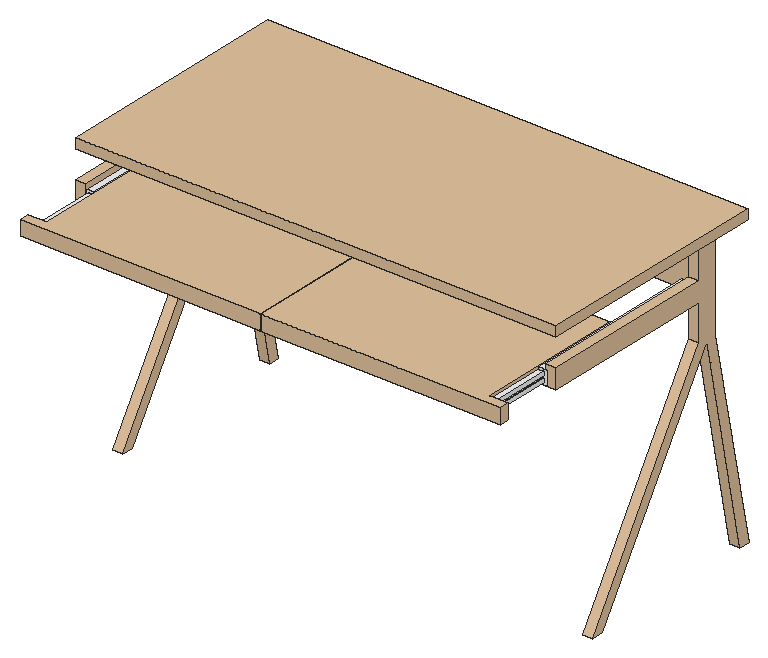
Revit family
Parameters
  Width = 4' - 0"
  Tray Width = ((Width / 2) - 0' 1 7/8")  # 1' - 10 1/8"
  Table Unit = Wood Birch,Stained
  Subcategory = "Office Furniture"
  SmartBIM Object Version = 3  # constant formula
  SmartBIM Object Created By = "SMARTBIM, LLC"  # constant formula
  Tray Opening = 0' - 6"
  Slider = Plain Alluminum,Satin
  Manufacturer = "SMARTBIM"
  Height = 2' - 6"
  Depth = 2' - 0"
  Default Elevation = 4' - 0"
  Assembly Code = "E2020200"
  95 CSI = "12510"  # constant formula
  04 CSI = "12 51 00"  # constant formula
Reference planes (in)
  plane 1 "Center F/B": y = 0
  plane 2: z = 0
  plane 3 "Center L/R": x = 0
  plane 4: x = -24
  plane 5: x = 24
  plane 6: y = 5.18557
  plane 7: y = -12
  plane 8: z = 25.25
  plane 9: y = -18.81443
  plane 10: z = 30
  plane 11: y = -24.81443
Forms (in)
  Extrusion 1, solid, material "Wood Birch,Stained" <- "Table Unit"
    sketch origin (-24, -16.40112, 48) x (0, -1, 0) y (0, 0, 1)
      loop
        line (-21.58669, -47) -> (-20.56797, -47) -> (-16.40838, -26.61654) -> (-3.31705, -47) -> (-2.14476, -47) -> (-15.40444, -26.34135) -> (-15.40444, -22.75) -> (2.41331, -22.75) -> (2.41331, -20.75) -> (-15.40444, -20.75) -> (-15.40444, -18) -> (-17.40444, -18) -> (-17.40444, -26.5) -> (-21.58669, -47)
    from -1 to 0
  Extrusion 2, solid, material "Wood Birch,Stained" <- "Table Unit"
    sketch origin (17.25, -16.40112, 48) x (0, -1, 0) y (0, 0, -1)
      loop
        line (-21.58669, 47) -> (-17.40444, 26.5) -> (-17.40444, 18) -> (-15.40444, 18) -> (-15.40444, 20.75) -> (2.41331, 20.75) -> (2.41331, 22.75) -> (-15.40444, 22.75) -> (-15.40444, 26.34135) -> (-2.14476, 47) -> (-3.31705, 47) -> (-16.40838, 26.61654) -> (-20.56797, 47) -> (-21.58669, 47)
    from 5.75 to 6.75
  Extrusion 3, solid, material "Wood Birch,Stained" <- "Table Unit"
    sketch origin (0, 0, 0) x (1, 0, 0) y (0, 0, 1)
      loop
        line (-23, 30) -> (-23, 25.25) -> (0, 25.25) -> (0, 30) -> (-17.5, 30) -> (-17.5, 28.5) -> (-20.5, 28.5) -> (-20.5, 30) -> (-23, 30)
    from -1.00332 to 0
  Extrusion 4, solid, material "Wood Birch,Stained" <- "Table Unit"
    sketch origin (0, 0, 0) x (-1, 0, 0) y (0, 0, -1)
      loop
        line (-23, -30) -> (-20.5, -30) -> (-20.5, -28.5) -> (-17.5, -28.5) -> (-17.5, -30) -> (0, -30) -> (0, -25.25) -> (-23, -25.25) -> (-23, -30)
    from -1.00332 to 0
  Extrusion 5, solid, material "Wood Birch,Stained" <- "Table Unit"
    sketch origin (0, 0, 0) x (1, 0, 0) y (0, 1, 0)
      loop
        line (-24, 5.18557) -> (-24, -18.81443) -> (24, -18.81443) -> (24, 5.18557) -> (-24, 5.18557)
    from 30 to 31
  Extrusion 6, solid, material "Plain Alluminum,Satin" <- "Slider"
    sketch origin (0, 0, 0) x (1, 0, 0) y (0, 0, 1)
      loop
        line (-23, 25.25) -> (-22.25, 25.25) -> (-22.25, 25.5) -> (-22.37376, 25.5) -> (-22.4456, 25.62443)
        arc (-22.4456, 25.62443) -> (-22.49876, 25.63604) -> (-22.55192, 25.62443) r 0.12756
        line (-22.55192, 25.62443) -> (-22.62376, 25.5) -> (-22.75, 25.5) -> (-22.75, 25.873) -> (-22.6221, 25.94684)
        arc (-22.6221, 25.94684) -> (-22.61049, 26) -> (-22.6221, 26.05316) r 0.12756
        line (-22.6221, 26.05316) -> (-22.75, 26.127) -> (-22.75, 26.5) -> (-22.25, 26.5) -> (-22.25, 26.75) -> (-23, 26.75) -> (-23, 25.25)
    from 0.99668 to 18.81443
  Extrusion 7, solid, material "Plain Alluminum,Satin" <- "Slider"
    sketch origin (0, 0, 0) x (-1, 0, 0) y (0, 0, -1)
      loop
        line (-23, -25.25) -> (-23, -26.75) -> (-22.25, -26.75) -> (-22.25, -26.5) -> (-22.75, -26.5) -> (-22.75, -26.127) -> (-22.6221, -26.05316)
        arc (-22.6221, -26.05316) -> (-22.61049, -26) -> (-22.6221, -25.94684) r 0.12756
        line (-22.6221, -25.94684) -> (-22.75, -25.873) -> (-22.75, -25.5) -> (-22.62376, -25.5) -> (-22.55192, -25.62443)
        arc (-22.55192, -25.62443) -> (-22.49876, -25.63604) -> (-22.4456, -25.62443) r 0.12756
        line (-22.4456, -25.62443) -> (-22.37376, -25.5) -> (-22.25, -25.5) -> (-22.25, -25.25) -> (-23, -25.25)
    from 0.99668 to 18.81443
Dimensions and locks (in)
  equal spacing: plane 4, plane 3 "Center L/R", plane 5
  "Width": plane 4 to plane 5
  locked: Extrusion 1 to Extrusion 1 at 1
  locked: Extrusion 2 to Extrusion 2 at 1
  locked: plane 4 to Extrusion 3 sketch curve at 6.5
  locked: Extrusion 1 to Extrusion 3 sketch curve at 1.5
  locked: plane 4 to Extrusion 3 sketch curve at 3.5
  locked: plane 1 "Center F/B" to plane 6 at 5.18557
  "Depth": plane 6 to plane 9
  locked: Extrusion 5 to Extrusion 5 at 1
  locked: plane 4 to Extrusion 6 sketch curve at 1.75
  "Tray Opening": plane 9 to plane 11
  "Height": plane 10 to level
  locked: plane 8 to plane 10 at 4.75
  locked: Extrusion 7 sketch curve to plane 5 at 1.75
  locked: Extrusion 7 sketch curve to plane 8 at 1.5
  aligned and locked: plane 4 to Extrusion 1
  aligned and locked: Extrusion 2 to plane 5
  aligned and locked: Extrusion 1 to Extrusion 3 sketch curve  (x2)
  aligned and locked: plane 8 to Extrusion 3 sketch curve
  aligned and locked: Extrusion 3 sketch curve to plane 3 "Center L/R"
  aligned and locked: Extrusion 3 to Extrusion 1
  aligned and locked: plane 1 "Center F/B" to Extrusion 3
  aligned and locked: plane 6 to Extrusion 1
  aligned and locked: Extrusion 5 sketch curve to Extrusion 1  (x2)
  aligned and locked: plane 9 to Extrusion 5 sketch curve
  aligned and locked: plane 5 to Extrusion 5 sketch curve
  aligned and locked: Extrusion 5 to plane 10
  aligned and locked: plane 10 to Extrusion 1
  aligned and locked: Extrusion 6 sketch curve to Extrusion 1
  aligned and locked: Extrusion 6 sketch curve to Extrusion 6 sketch curve
  aligned and locked: Extrusion 6 to Extrusion 1
  aligned and locked: plane 9 to Extrusion 1 sketch curve
  aligned and locked: plane 9 to Extrusion 2 sketch curve
  aligned and locked: Extrusion 6 to plane 9
  aligned and locked: plane 3 "Center L/R" to nested 1
  aligned and locked: plane 3 "Center L/R" to nested 2
  aligned and locked: plane 11 to nested 1
  aligned and locked: nested 2 to plane 11
  aligned and locked: Extrusion 7 sketch curve to Extrusion 7 sketch curve
  aligned and locked: Extrusion 2 to Extrusion 7 sketch curve
  aligned and locked: Extrusion 7 sketch curve to plane 8
  aligned and locked: plane 8 to nested 1
  aligned and locked: nested 2 to plane 8
Automatic sketch dimensions
  Extrusion 1 sketch curve to plane 6 = 0' - 0"
  Extrusion 1 sketch curve to plane 10 = 0' - 0"
  Extrusion 1 sketch curve to plane 8 = 0' - 0"
  Extrusion 1 sketch curve to Extrusion 1 sketch curve = 0' - 1.01872"
  Extrusion 1 sketch curve to plane 1 "Center F/B" = 0' - 1.00332"
  Extrusion 1 sketch curve to plane 1 "Center F/B" = 0' - 0.00725"
  plane 1 "Center F/B" to Extrusion 1 sketch curve = 0' - 0.99668"  (x2)
  Extrusion 1 sketch curve to plane 7 = 0' - 1.08407"
  level to Extrusion 1 sketch curve = 0' - 1"  (x2)
  Extrusion 1 sketch curve to Extrusion 1 sketch curve = 0' - 1.17229"
  plane 8 to Extrusion 1 sketch curve = 0' - 3.86654"
  Extrusion 1 sketch curve to Extrusion 1 sketch curve = 0' - 0.11654"
  Extrusion 1 sketch curve to Extrusion 1 sketch curve = 0' - 0.27519"
  Extrusion 1 sketch curve to Extrusion 1 sketch curve = 0' - 2"
  Extrusion 2 sketch curve to plane 6 = 0' - 0"
  Extrusion 2 sketch curve to plane 10 = 0' - 0"
  Extrusion 2 sketch curve to plane 8 = 0' - 0"
  Extrusion 2 sketch curve to plane 6 = 0' - 1.01872"
  Extrusion 2 sketch curve to plane 1 "Center F/B" = 0' - 1.00332"
  Extrusion 2 sketch curve to plane 1 "Center F/B" = 0' - 0.00725"
  plane 1 "Center F/B" to Extrusion 2 sketch curve = 0' - 0.99668"  (x2)
  Extrusion 2 sketch curve to plane 7 = 0' - 1.08407"
  level to Extrusion 2 sketch curve = 0' - 1"  (x2)
  Extrusion 2 sketch curve to Extrusion 2 sketch curve = 0' - 1.17229"
  Extrusion 2 sketch curve to Extrusion 2 sketch curve = 0' - 2"
  plane 8 to Extrusion 2 sketch curve = 0' - 3.59135"
  Extrusion 2 sketch curve to Extrusion 2 sketch curve = 0' - 0.15865"
  Extrusion 2 sketch curve to Extrusion 2 sketch curve = 0' - 0.11654"
  Extrusion 3 sketch curve to plane 10 = 0' - 0"
  Extrusion 4 sketch curve to plane 8 = 0' - 0"
  Extrusion 4 sketch curve to plane 10 = 0' - 0"  (x2)
  Extrusion 4 sketch curve to plane 3 "Center L/R" = 0' - 0"
  Extrusion 4 sketch curve to plane 5 = 0' - 6 1/2"
  Extrusion 4 sketch curve to Extrusion 4 sketch curve = 0' - 3"
  Extrusion 4 sketch curve to plane 5 = 0' - 1"
  plane 10 to Extrusion 4 sketch curve = 0' - 1 1/2"
  Extrusion 6 sketch curve to plane 8 = 0' - 0"
  Extrusion 6 sketch curve to plane 8 = 0' - 0.623"
  Extrusion 6 sketch curve to Extrusion 6 sketch curve = 0' - 0 1/2"
  Extrusion 6 sketch curve to Extrusion 6 sketch curve = 0' - 0"  (x2)
  Extrusion 6 sketch curve to Extrusion 6 sketch curve = 0' - 0.01194"
  Extrusion 6 sketch curve to plane 8 = 0' - 0 1/4"  (x2)
  Extrusion 6 sketch curve to Extrusion 6 sketch curve = 0' - 0.12624"
  Extrusion 6 sketch curve to plane 8 = 0' - 0.69684"
  Extrusion 6 sketch curve to Extrusion 6 sketch curve = 0' - 0.11596"  (x2)
  Extrusion 6 sketch curve to Extrusion 6 sketch curve = 0' - 0.07184"
  Extrusion 6 sketch curve to Extrusion 6 sketch curve = 0' - 0 1/8"
  Extrusion 6 sketch curve to Extrusion 6 sketch curve = 0' - 0.10632"
  Extrusion 6 sketch curve to Extrusion 6 sketch curve = 0' - 0.12376"
  Extrusion 6 sketch curve to Extrusion 6 sketch curve = 0' - 0.00847"
  Extrusion 6 sketch curve to Extrusion 6 sketch curve = 0' - 0.127"  (x2)
  Extrusion 6 sketch curve to Extrusion 6 sketch curve = 0' - 0.44684"
  Extrusion 6 sketch curve to Extrusion 6 sketch curve = 0' - 0 1/4"
  plane 8 to Extrusion 7 sketch curve = 0' - 0.623"
  Extrusion 7 sketch curve to Extrusion 7 sketch curve = 0' - 0"  (x2)
  Extrusion 7 sketch curve to Extrusion 7 sketch curve = 0' - 0.01194"
  plane 8 to Extrusion 7 sketch curve = 0' - 0 1/4"  (x2)
  Extrusion 7 sketch curve to Extrusion 7 sketch curve = 0' - 0.12624"
  Extrusion 7 sketch curve to Extrusion 7 sketch curve = 0' - 0.11596"  (x2)
  Extrusion 7 sketch curve to Extrusion 7 sketch curve = 0' - 0.07184"
  Extrusion 7 sketch curve to Extrusion 7 sketch curve = 0' - 0 1/8"  (x2)
  Extrusion 7 sketch curve to Extrusion 7 sketch curve = 0' - 0.10632"
  Extrusion 7 sketch curve to Extrusion 7 sketch curve = 0' - 0.12376"
  Extrusion 7 sketch curve to Extrusion 7 sketch curve = 0' - 0.00847"
  Extrusion 7 sketch curve to Extrusion 7 sketch curve = 0' - 0.127"  (x2)
  Extrusion 7 sketch curve to Extrusion 7 sketch curve = 0' - 0.44684"
  Extrusion 7 sketch curve to Extrusion 7 sketch curve = 0' - 0 1/4"
Nested families (in)
  nested 1: "Board" at (-22.125, -9.81443, 25.25), type "Board"
  nested 2: "Board" at (22.125, -9.81443, 25.25) x (-1, 0, 0) z (0, 0, 1), type "Board"
Definition of nested family "Board"
  Parameters
    Width = 1' - 0"
    Slider = none
    Material = none
  Reference planes (in)
    plane 1 "Center (Front/Back)": y = 0
    plane 2: z = 0
    plane 3 "Center (Left/Right)": x = 0
    plane 4: x = 12
  Forms (in)
    Extrusion 1, solid, material <- "Material"
      sketch origin (0, 0, 0) x (1, 0, 0) y (0, 1, 0)
        loop
          line (0, 0) -> (0, -15) -> (-1.875, -15) -> (-1.875, -16) -> (12, -16) -> (12, 0) -> (0, 0)
      from 0 to 1.5
    Extrusion 2, solid, material <- "Slider"
      sketch origin (16.125, 13.43666, -26.2658) x (1, 0, 0) y (0, 0, 1)
        loop
          line (-16.125, 26.5158) -> (-16.125, 27.5158) -> (-16.75, 27.5158) -> (-16.75, 27.1408) -> (-16.62557, 27.06896)
          arc (-16.62557, 27.06896) -> (-16.61396, 27.0158) -> (-16.62557, 26.96265) r 0.12756
          line (-16.62557, 26.96265) -> (-16.75, 26.8908) -> (-16.75, 26.5158) -> (-16.62376, 26.5158) -> (-16.55192, 26.64024)
          arc (-16.55192, 26.64024) -> (-16.49876, 26.65184) -> (-16.4456, 26.64024) r 0.12756
          line (-16.4456, 26.64024) -> (-16.37376, 26.5158) -> (-16.125, 26.5158)
      from 13.43666 to 28.43666
  Dimensions and locks (in)
    locked: Extrusion 1 to level at 1.5
    "Width": plane 3 "Center (Left/Right)" to plane 4
    aligned and locked: Extrusion 2 to plane 1 "Center (Front/Back)"
    aligned and locked: Extrusion 2 to Extrusion 1
    aligned and locked: Extrusion 1 to plane 4
    aligned and locked: Extrusion 1 to plane 3 "Center (Left/Right)"
    aligned and locked: Extrusion 1 to plane 1 "Center (Front/Back)"
  Automatic sketch dimensions
    Extrusion 1 sketch curve to plane 3 "Center (Left/Right)" = 0' - 0"
    Extrusion 1 sketch curve to plane 1 "Center (Front/Back)" = 0' - 0"
    Extrusion 1 sketch curve to plane 3 "Center (Left/Right)" = 0' - 1 7/8"
    plane 4 to Extrusion 1 sketch curve = 0' - 0"
    plane 1 "Center (Front/Back)" to Extrusion 1 sketch curve = 1' - 3"
    Extrusion 1 sketch curve to Extrusion 1 sketch curve = 1' - 4"
    Extrusion 2 sketch curve to plane 3 "Center (Left/Right)" = 0' - 0"
    Extrusion 2 sketch curve to plane 3 "Center (Left/Right)" = 0' - 0.24876"
    Extrusion 2 sketch curve to Extrusion 2 sketch curve = 0' - 0.07184"  (x2)
    Extrusion 2 sketch curve to Extrusion 2 sketch curve = 0' - 0 1/8"  (x4)
    Extrusion 2 sketch curve to Extrusion 2 sketch curve = 0' - 0.10632"
    Extrusion 2 sketch curve to Extrusion 2 sketch curve = 0' - 0.07365"
    Extrusion 2 sketch curve to Extrusion 2 sketch curve = 0' - 0"
    Extrusion 2 sketch curve to Extrusion 2 sketch curve = 0' - 0.11596"  (x2)
    Extrusion 2 sketch curve to Extrusion 2 sketch curve = 0' - 0.12624"
    Extrusion 2 sketch curve to Extrusion 2 sketch curve = 0' - 0.12443"
    level to Extrusion 2 sketch curve = 0' - 0 1/4"  (x2)
    Extrusion 2 sketch curve to Extrusion 2 sketch curve = 0' - 0.00847"
    Extrusion 2 sketch curve to Extrusion 2 sketch curve = 0' - 0.25057"
    Extrusion 2 sketch curve to Extrusion 2 sketch curve = 0' - 0.44684"
